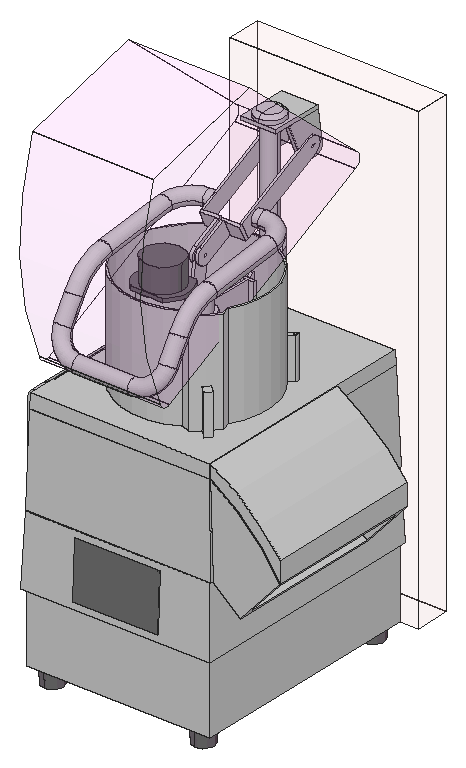
Revit family "Cortadora_CK-45V_1_GENERADO", category Equipos especializados, Revit 2016
Family settings
  Tipo de pieza = Normal
  Cota de conector redondo = Diámetro de uso
  Número OmniClass = 23.21.21.31.15
  Se basa en plano de trabajo = No
  Siempre vertical = Sí
  Corte con vacíos al cargar = No
  Compartido = No
  Punto de cálculo de habitación = No
Parameters (values of type "Combi vegetable prep.-cutter CK-45V 120/50-60/1")
  Width = 391 mm
  Weight in Pounds = 65.5
  Watts = 0 W
  Volts = 120 V
  URL Cutsheet = "http://www.sammic.com/dl/453458/9d103/ps-en-1050770-combi-ck-45v.pdf"
  URL = "https://www.sammic.com/model/1050770"
  Specification by Manufacturer = "It has a variable speed motor block, large-capacity head and 5.5-lt cutter bowl equipped with a rotor with micro-serrated blades.\nBrushless technology."
  Show Logo [instance] = yes
  Show Clearances [instance] = yes
  Revision Code = "1"
  Phase = 1
  Modelo = "1050770"
  Height = 652 mm
  HP = ""
  Foodservice Equipment Identifier = yes
  Fabricante = "SAMMIC S.L."
  FL Amps = 15 A
  Descripción = "Combi vegetable prep.-cutter CK-45V 120/50-60/1"
  Depth = 400 mm
  Cycle = 60 Hz
  Conn Plug = "USA (NEMA 5-15P / 2P+G)"
  Comentarios de tipo = "2 in 1: high capacity vegetable cutter (650 kg/h) + cutter with 5.5 litre bowl."
Types (4, lengths in mm): name | Width | Watts | Volts | URL Cutsheet | URL | Phase | Modelo | Height | HP | Fabricante | FL Amps | Descripción | Depth | Cycle | Conn Plug | Comentarios de tipo
  (no name) | 0 | 0 W | 0 V | "" | 0 | 0 | 0 | 0 | "" | 0 | 0 A | 0 | 0 | 0 Hz | "" | 0
  Combi vegetable prep.-cutter CK-45V 230/50-60/1 | 391 | 1500 W | 230 V | "http://www.sammic.com/dl/454804/4cd8a/ps-en-1050769-combi-ck-45v.pdf" | "https://www.sammic.com/model/1050769" | 1 | "1050769" | 652 | "2.01" | "SAMMIC S.L." | 10 A | "Combi vegetable prep.-cutter CK-45V 230/50-60/1" | 400 | 50 Hz | "EU (SCHUKO 2P+G)" | "2 in 1: high capacity vegetable cutter (650 kg/h) + cutter with 5.5 litre bowl."
  Combi vegetable prep.-cutter CK-45V 120/50-60/1 | 391 | 0 W | 120 V | "http://www.sammic.com/dl/453458/9d103/ps-en-1050770-combi-ck-45v.pdf" | "https://www.sammic.com/model/1050770" | 1 | "1050770" | 652 | "" | "SAMMIC S.L." | 15 A | "Combi vegetable prep.-cutter CK-45V 120/50-60/1" | 400 | 60 Hz | "USA (NEMA 5-15P / 2P+G)" | "2 in 1: high capacity vegetable cutter (650 kg/h) + cutter with 5.5 litre bowl."
  Combi vegetable prep.-cutter CK-45V 230/50-60/1 AUS | 391 | 1500 W | 230 V | "http://www.sammic.com/dl/454805/74d1e/ps-en-1050773-combi-ck-45v.pdf" | "https://www.sammic.com/model/1050773" | 1 | "1050773" | 652 | "2.01" | "SAMMIC S.L." | 10 A | "Combi vegetable prep.-cutter CK-45V 230/50-60/1 AUS" | 400 | 50 Hz | "AU/NZ (AS 3112 10A / 2P)" | "2 in 1: high capacity vegetable cutter (650 kg/h) + cutter with 5.5 litre bowl."
Values of the unnamed type that differ from the named types
  Weight in Pounds = 0
  Specification by Manufacturer = ""
  Revision Code = ""
Reference planes
  plane 1 "Centro (Frontal/Posterior)": y = 0
  plane 2: z = 0
  plane 3 "Centro (Izquierda/Derecha)": x = 0
  plane 4: x = 357.084
  plane 5: x = -19.1
  plane 6: y = 28.8
  plane 7: through (4267.2, -357.37, 435.938) normal (0, -0.4258, 0.9048)
Forms (mm)
  Extrusion 1, solid
    sketch origin (0, 0, 0) x (1, 0, 0) y (0, 1, 0)
      loop
        line (0, 0) -> (0, -336.5) -> (259.8, -336.5) -> (259.8, 0) -> (0, 0)
    from 21 to 120
  Revolve 2, solid
    sketch origin (23, 0, 0) x (0, 1, 0) y (0, 0, 1)
      loop
        line (-335, 21) -> (-333.5, 0) -> (-319, 0) -> (-319, 21) -> (-335, 21)
      axis (-319, 21) -> (-319, 0)
    angle from 0 to 360
  Revolve 3, solid
    sketch origin (236.8, 0, 0) x (0, 1, 0) y (0, 0, 1)
      loop
        line (-335, 21) -> (-333.5, 0) -> (-319, 0) -> (-319, 21) -> (-335, 21)
      axis (-319, 21) -> (-319, 0)
    angle from 0 to 360
  Revolve 4, solid
    sketch origin (236.8, 301.5, 0) x (0, 1, 0) y (0, 0, 1)
      loop
        line (-335, 21) -> (-333.5, 0) -> (-319, 0) -> (-319, 21) -> (-335, 21)
      axis (-319, 21) -> (-319, 0)
    angle from 0 to 360
  Revolve 5, solid
    sketch origin (23, 301.5, 0) x (0, 1, 0) y (0, 0, 1)
      loop
        line (-335, 21) -> (-333.5, 0) -> (-319, 0) -> (-319, 21) -> (-335, 21)
      axis (-319, 21) -> (-319, 0)
    angle from 0 to 360
  Extrusion 6, solid
    sketch origin (0, 0, 0) x (0, 1, 0) y (0, 0, 1)
      loop
        line (-337.559, 209.463) -> (-338.558, 209.506) -> (-341.99, 129.58) -> (-340.991, 129.537) -> (-337.559, 209.463)
    from 69.9 to 189.9
  Revolve 7, solid
    sketch origin (0, 0, 157) x (1, 0, 0) y (0, 1, 0)
      loop
        line (211.45, 2.8) -> (224.95, 2.8) -> (224.95, 28.8) -> (211.45, 28.8) -> (211.45, 2.8)
      axis (224.95, 28.8) -> (224.95, 2.8)
    angle from 0 to 360
  Extrusion 8, solid
    sketch origin (26.882, -11.283, 5.525) x (1, 0, 0) y (0, 1, 0)
      loop
        circle (103.652, -246.7) r 27.4
    from 510.225 to 549.225
  Extrusion 9, solid
    sketch origin (377.233, -154.331, 5.525) x (0, -1, 0) y (1, 0, 0)
      loop
        arc (74.652, -269.678) -> (103.652, -283.7) -> (132.652, -269.678) r 37
        line (132.652, -269.678) -> (132.652, -223.721)
        arc (132.652, -223.721) -> (103.652, -209.7) -> (74.652, -223.721) r 37
        line (74.652, -223.721) -> (74.652, -269.678)
      loop
        circle (103.652, -246.7) r 27.4
    from 510.225 to 515.225
  Extrusion 10, solid
    sketch origin (0, 0, 0) x (0, 1, 0) y (0, 0, 1)
      loop
        line (-184.25, 195) -> (-184.25, 219) -> (-214.25, 219) -> (-214.25, 195) -> (-211.25, 195) -> (-211.25, 216) -> (-187.25, 216) -> (-187.25, 195) -> (-184.25, 195)
    from -19.1 to -1.647
  Extrusion 11, solid
    sketch origin (0, 0, 0) x (0, 1, 0) y (0, 0, 1)
      loop
        line (-7.849, 596.091) -> (-15.249, 643.55) -> (-66.749, 643.55) -> (-43.086, 590.478)
        arc (-43.086, 590.478) -> (-39.397, 586.162) -> (-33.953, 584.55) r 10
        line (-33.953, 584.55) -> (-17.73, 584.55)
        arc (-17.73, 584.55) -> (-10.133, 588.046) -> (-7.849, 596.091) r 10
      loop
        circle (-28.249, 603.55) r 6.125
    from 150.534 to 155.534
  Extrusion 12, solid
    sketch origin (-45, 0, 0) x (0, 1, 0) y (0, 0, 1)
      loop
        line (-7.849, 596.091) -> (-15.249, 643.55) -> (-66.749, 643.55) -> (-43.086, 590.478)
        arc (-43.086, 590.478) -> (-39.397, 586.162) -> (-33.953, 584.55) r 10
        line (-33.953, 584.55) -> (-17.73, 584.55)
        arc (-17.73, 584.55) -> (-10.133, 588.046) -> (-7.849, 596.091) r 10
      loop
        circle (-28.249, 603.55) r 6.125
    from 150.534 to 155.534
  Extrusion 13, solid
    sketch origin (0, 0, 0) x (0, 1, 0) y (0, 0, 1)
      loop
        line (-88.249, 643.55) -> (-15.249, 643.55) -> (-15.249, 648.55) -> (-88.249, 648.55) -> (-88.249, 643.55)
    from 105.534 to 155.534
  Extrusion 14, solid
    sketch origin (0, 0, 0) x (1, 0, 0) y (0, 1, 0)
      loop
        circle (130.468, -67.749) r 17.5
    from 483.65 to 495.65
  Extrusion 15, solid
    sketch origin (0, 0, 0) x (1, 0, 0) y (0, 1, 0)
      loop
        circle (130.534, -67.749) r 11
    from 495.65 to 643.55
  Revolve 16, solid
    sketch origin (130.468, 0, 0) x (0, 1, 0) y (0, 0, 1)
      loop
        line (-67.749, 658.55) -> (-67.749, 648.55) -> (-47.749, 648.55) -> (-47.749, 653.55) -> (-52.749, 658.55) -> (-67.749, 658.55)
      axis (-67.749, 658.55) -> (-67.749, 648.55)
    angle from 0 to 360
  Extrusion 17, solid
    sketch origin (0, 0, 0) x (0, 1, 0) y (0, 0, 1)
      loop
        arc (-369.948, 444.226) -> (-363.793, 436.882) -> (-354.21, 436.903) r 11.305
        line (-354.21, 436.903) -> (-24.343, 592.126)
        arc (-24.343, 592.126) -> (-16.044, 600.706) -> (-19.741, 612.056) r 11.573
        line (-19.741, 612.056) -> (-211.539, 778.246) -> (-381.288, 735.859)
        arc (-381.288, 735.859) -> (-404.982, 588.901) -> (-369.948, 444.226) r 377.017
    from 45.047 to 216.86
  Extrusion 18, solid
    sketch origin (0, 0, 0) x (0, 1, 0) y (0, 0, 1)
      loop
        line (28.8, 658.55) -> (28.8, 0) -> (78.8, 0) -> (78.8, 658.55) -> (28.8, 658.55)
    from -4.15 to 263.95
Lines and regions (mm)
  symbolic lines, style "200-EquipBorder-2D"
    curve 1: line (238.45, 28.8, 0) -> (211.45, 28.8, 0)
    curve 2: line (211.45, 28.8, 0) -> (211.45, 4.9, 0)
    curve 3: line (211.45, 4.9, 0) -> (-4.15, 4.9, 0)
    curve 4: line (-4.15, 4.9, 0) -> (-4.15, -65.2, 0)
    curve 5: line (-4.15, -65.2, 0) -> (-17.689, -65.2, 0)
    curve 6: line (-17.689, -65.2, 0) -> (-17.689, -85.2, 0)
    curve 7: line (-17.689, -85.2, 0) -> (-4.15, -85.2, 0)
    curve 8: line (-4.15, -85.2, 0) -> (-4.15, -86.2, 0)
    curve 9: line (-4.15, -86.2, 0) -> (-17.689, -86.2, 0)
    curve 10: line (-17.689, -86.2, 0) -> (-17.689, -184.25, 0)
    curve 11: line (-17.689, -184.25, 0) -> (-19.1, -184.25, 0)
    curve 12: line (-19.1, -184.25, 0) -> (-19.1, -214.25, 0)
    curve 13: line (-19.1, -214.25, 0) -> (-17.658, -214.25, 0)
    curve 14: line (-17.658, -214.25, 0) -> (-17.658, -290.7, 0)
    curve 15: line (-17.658, -290.7, 0) -> (-4.15, -290.7, 0)
    curve 16: line (-4.15, -290.7, 0) -> (-4.15, -291.7, 0)
    curve 17: line (-4.15, -291.7, 0) -> (-17.689, -291.7, 0)
    curve 18: line (-17.689, -291.7, 0) -> (-17.689, -311.7, 0)
    curve 19: line (-17.689, -311.7, 0) -> (-4.15, -311.7, 0)
    curve 20: line (-4.15, -311.7, 0) -> (-4.15, -341.4, 0)
    curve 21: line (263.95, -341.4, 0) -> (263.95, -333.216, 0)
    curve 22: line (263.95, -333.216, 0) -> (357.084, -333.216, 0)
    curve 23: line (357.084, -333.216, 0) -> (357.084, -107.816, 0)
    curve 24: line (357.084, -107.816, 0) -> (263.95, -107.816, 0)
    curve 25: line (263.95, -107.816, 0) -> (263.95, 4.9, 0)
    curve 26: line (263.95, 4.9, 0) -> (238.45, 4.9, 0)
    curve 27: line (238.45, 4.9, 0) -> (238.45, 28.8, 0)
    curve 28: line (-4.15, -341.4, 0) -> (45.039, -341.4, 0)
    curve 29: line (263.95, -341.4, 0) -> (216.037, -341.4, 0)
    curve 30: line (90.534, -369.948, 0) -> (170.534, -369.948, 0)
    curve 31: line (45.039, -341.4, 0) -> (58.437, -361.948, 0)
    curve 32: line (58.437, -361.948, 0) -> (90.534, -369.948, 0)
    curve 33: line (216.037, -341.4, 0) -> (170.534, -369.948, 0)
  model lines, style "QF-Door-Drawer_Clearances"
    curve 34: line (45.047, -405.267, 0) -> (216.86, -405.267, 0)
  symbolic lines, style "QF-Clearances"
    curve 35: line (-4.15, 78.8, 0) -> (263.95, 78.8, 0)
Dimensions and locks
  aligned and locked: level to plane 2
Nested families
  nested 1: "Carcasa_CK-35" at (-4.15, 4.9, 0), type "Carcasa_CK-35"
    with Show Logo yes, Show Clearances yes
  nested 2: "CK-35_Cortadora_Entrada" at (0, 0, 0), type "CK-35_Cortadora_Entrada"
    with Show Logo yes, Show Clearances yes
  nested 3: "CA-401_Cortadora_Entrada_Tapa" at (0, 0, 0), type "CA-401_Cortadora_Entrada_Tapa"
    with Show Logo yes, Show Clearances yes
  nested 4: "CA-401_Cortadora_Pisador" at (0, 0, 0), type "CA-401_Cortadora_Pisador"
    with Show Logo yes, Show Clearances yes
  nested 5: "CA-401_Cortadora_Palanca" at (130.534, -209.849, 11.171), type "CA-401_Cortadora_Palanca"
    with Show Logo yes, Show Clearances yes
Connectors
  electrical at (224.95, 2.8, 157)
    settings: on Revolve 7, index 1, voltage 230 V, apparent load 0 VA, apparent load phase1 0 VA, apparent load phase2 0 VA, apparent load phase3 0 VA, power factor 1, load classification "Otro", number of poles 1, system type 31, power factor state 1, is connector primary yes, connector utility no, sub classification motor no, connector description "Conexion electrica"
Definition of nested family "Carcasa_CK-35"
  Parameters
    Show Logo [instance] = yes
    Show Clearances [instance] = yes
  Reference planes
    plane 1 "Centro (Frontal/Posterior)": y = 0
    plane 2: z = 0
    plane 3 "Centro (Izquierda/Derecha)": x = 0
    plane 4: x = 134.05
  Forms (mm)
    Extrusion 1, solid
      sketch origin (0, 0, 0) x (1, 0, 0) y (0, 1, 0)
        loop
          line (0, 0) -> (0, -346.3) -> (268.1, -346.3) -> (268.1, 0) -> (0, 0)
      from 120 to 219
    Extrusion 2, void
      sketch origin (0, 0, 0) x (0, 1, 0) y (0, 0, 1)
        loop
          line (-347.3, 120) -> (-346.3, 120) -> (-342.05, 219) -> (-342.05, 220) -> (-347.3, 220) -> (-347.3, 120)
        loop
          line (0, 120) -> (1, 120) -> (1, 220) -> (-4.25, 220) -> (-4.25, 219) -> (0, 120)
      from 0 to 268.1
    Extrusion 3, void
      sketch origin (0, 0, 0) x (1, 0, 0) y (0, 0, 1)
        loop
          line (-1, 120) -> (0, 120) -> (3.55, 219) -> (3.55, 220) -> (-1, 220) -> (-1, 120)
        loop
          line (268.1, 120) -> (269.1, 120) -> (269.1, 220) -> (264.55, 220) -> (264.55, 219) -> (268.1, 120)
      from 0 to 347.3
    Extrusion 4, solid
      sketch origin (0, 0, 0) x (1, 0, 0) y (0, 1, 0)
        loop
          circle (134.05, -204.15) r 97
      from 219 to 231.5
  Cuts and joins
    Extrusion 2, Extrusion 3 cuts Extrusion 1
  Dimensions and locks
    aligned and locked: level to plane 2
Definition of nested family "CK-35_Cortadora_Entrada"
  Parameters
    Show Logo [instance] = yes
    Show Clearances [instance] = yes
  Reference planes
    plane 1 "Centro (Frontal/Posterior)": y = 0
    plane 2: z = 0
    plane 3 "Centro (Izquierda/Derecha)": x = 0
    plane 4: z = 219
  Forms (mm)
    Extrusion 1, solid
      sketch origin (0, 0, 0) x (1, 0, 0) y (0, 1, 0)
        loop
          line (-1.6, 0.5) -> (-1.6, -337) -> (261.4, -337) -> (261.4, 0.5) -> (-1.6, 0.5)
      from 219 to 348
    Extrusion 2, void
      sketch origin (0, 0, 0) x (1, 0, 0) y (0, 0, 1)
        loop
          line (2.9, 367.3) -> (2.9, 368.3) -> (-2.6, 368.3) -> (-2.6, 218) -> (-1.6, 218) -> (-1.6, 219) -> (2.9, 367.3)
        loop
          line (256.9, 368.3) -> (256.9, 367.3) -> (261.4, 219) -> (261.4, 218) -> (262.4, 218) -> (262.4, 368.3) -> (256.9, 368.3)
      from 0 to 337
    Extrusion 3, void
      sketch origin (0, 0, 0) x (0, 1, 0) y (0, 0, 1)
        loop
          line (-332.65, 367.3) -> (-332.65, 368.3) -> (-338, 368.3) -> (-338, 218) -> (-337, 218) -> (-337, 219) -> (-332.65, 367.3)
        loop
          line (-3.85, 367.3) -> (0, 219) -> (0, 218) -> (1.5, 218) -> (1.5, 368.3) -> (-3.85, 368.3) -> (-3.85, 367.3)
      from -1.6 to 261.4
    Extrusion 4, solid
      sketch origin (0, 0, 0) x (1, 0, 0) y (0, 0, 1)
        loop
          line (261.4, 219) -> (301, 185.8) -> (357.084, 248.401)
          arc (357.084, 248.401) -> (313.501, 304.417) -> (257.486, 348) r 286.5
          line (257.486, 348) -> (261.4, 219)
      from 107.816 to 333.216
    Extrusion 5, void
      sketch origin (0, 0, 0) x (1, 0, 0) y (0, 0, 1)
        loop
          line (262.77, 338.706) -> (266.33, 221.392) -> (308.172, 186.312) -> (356.653, 240.426)
          arc (356.653, 240.426) -> (315.239, 294.846) -> (262.77, 338.706) r 305.9
      from 112.816 to 328.216
    Extrusion 6, solid
      sketch origin (0, 0, 0) x (1, 0, 0) y (0, 0, 1)
        loop
          line (-0.426, 257.7) -> (2.314, 348)
          arc (2.314, 348) -> (-7.687, 358.002) -> (-17.689, 348) r 10.002
          line (-17.689, 348) -> (-17.689, 282.8) -> (-0.426, 257.7)
        loop
          circle (-7.687, 348) r 5
      from 291.7 to 311.7
    Extrusion 7, solid
      sketch origin (0, 231.5, 0) x (1, 0, 0) y (0, 0, 1)
        loop
          line (-0.426, 257.7) -> (2.314, 348)
          arc (2.314, 348) -> (-7.687, 358.002) -> (-17.689, 348) r 10.002
          line (-17.689, 348) -> (-17.689, 282.8) -> (-0.426, 257.7)
        loop
          circle (-7.687, 348) r 5
      from 296.7 to 316.7
  Cuts and joins
    Extrusion 2, Extrusion 3 cuts Extrusion 1
    Extrusion 5 cuts Extrusion 4
  Dimensions and locks
    aligned and locked: level to plane 2
Definition of nested family "CA-401_Cortadora_Entrada_Tapa"
  Parameters
    Show Logo [instance] = yes
    Show Clearances [instance] = yes
  Reference planes
    plane 1 "Centro (Frontal/Posterior)": y = 0
    plane 2: z = 0
    plane 3 "Centro (Izquierda/Derecha)": x = 0
    plane 4: z = 348
    plane 5: y = -198.591
    plane 6: x = 130.468
  Forms (mm)
    Extrusion 1, solid
      sketch origin (0, 0, 0) x (1, 0, 0) y (0, 1, 0)
        loop
          line (-1.6, 0.5) -> (-1.6, -337) -> (261.4, -337) -> (261.4, 0.5) -> (-1.6, 0.5)
      from 348 to 367.3
    Extrusion 2, void
      sketch origin (0, 0, 0) x (1, 0, 0) y (0, 0, 1)
        loop
          line (2.9, 367.3) -> (2.9, 368.3) -> (-2.6, 368.3) -> (-2.6, 218) -> (-1.6, 218) -> (-1.6, 219) -> (2.9, 367.3)
        loop
          line (256.9, 368.3) -> (256.9, 367.3) -> (261.4, 219) -> (261.4, 218) -> (262.4, 218) -> (262.4, 368.3) -> (256.9, 368.3)
      from 0 to 337
    Extrusion 3, void
      sketch origin (0, 0, 0) x (0, 1, 0) y (0, 0, 1)
        loop
          line (-332.65, 367.3) -> (-332.65, 368.3) -> (-338, 368.3) -> (-338, 348) -> (-337, 348) -> (-337, 219) -> (-332.65, 367.3)
        loop
          line (-3.85, 367.3) -> (0, 219) -> (0, 218) -> (1.5, 218) -> (1.5, 368.3) -> (-3.85, 368.3) -> (-3.85, 367.3)
      from -1.6 to 261.4
    Extrusion 4, solid
      sketch origin (0, 0, 0) x (1, 0, 0) y (0, 0, 1)
        loop
          line (256.9, 367.3) -> (257.486, 348)
          arc (257.486, 348) -> (313.501, 304.417) -> (357.084, 248.401) r 286.5
          line (357.084, 248.401) -> (357.084, 278.8)
          arc (357.084, 278.8) -> (311.937, 328.648) -> (256.9, 367.3) r 302.8
      from 107.816 to 332.65
    Extrusion 5, solid
      sketch origin (0, 0, 0) x (1, 0, 0) y (0, 0, 1)
        loop
          line (2.9, 367.3) -> (-13.313, 356.269)
          arc (-13.313, 356.269) -> (-12.365, 339.16) -> (2.314, 348) r 10.002
          line (2.314, 348) -> (2.9, 367.3)
        loop
          circle (-7.687, 348) r 5
      from 86.2 to 290.7
    Extrusion 6, solid
      sketch origin (0, 0, 0) x (1, 0, 0) y (0, 1, 0)
        loop
          arc (191.103, -287.292) -> (205.777, -275.226) -> (218.097, -260.765) r 107.445
          line (218.097, -260.765) -> (215.183, -249.496)
          arc (215.183, -249.496) -> (61.195, -128.099) -> (179.886, -284.181) r 98.832
          line (179.886, -284.181) -> (191.103, -287.292)
        loop
          arc (216.86, -249.939) -> (60.026, -126.909) -> (180.301, -285.866) r 100.5
          line (180.301, -285.866) -> (192.689, -289.302)
          arc (192.689, -289.302) -> (207.568, -277.049) -> (220.079, -262.387) r 110
          line (220.079, -262.387) -> (216.86, -249.939)
      from 367.3 to 513.684
    Extrusion 7, solid
      sketch origin (0, 0, 0) x (1, 0, 0) y (0, 1, 0)
        loop
          circle (130.468, -67.749) r 12.1
        loop
          line (126.449, -84.346) -> (126.449, -98.171)
          arc (126.449, -98.171) -> (130.468, -98.091) -> (134.486, -98.171) r 100.5
          line (134.486, -98.171) -> (134.486, -84.346)
          arc (134.486, -84.346) -> (130.468, -50.673) -> (126.449, -84.346) r 17.076
        loop
          circle (211.568, -124.276) r 2.009
        loop
          line (208.848, -121.308) -> (201.785, -127.78)
          arc (201.785, -127.78) -> (204.564, -130.694) -> (207.225, -133.717) r 100.5
          line (207.225, -133.717) -> (214.288, -127.244)
          arc (214.288, -127.244) -> (214.536, -121.556) -> (208.848, -121.308) r 4.026
        loop
          line (214.656, -291.323) -> (221.848, -284.131) -> (211.115, -273.398)
          arc (211.115, -273.398) -> (207.57, -277.046) -> (203.86, -280.527) r 110
          line (203.86, -280.527) -> (214.656, -291.323)
      from 367.3 to 424.3
  Cuts and joins
    Extrusion 2, Extrusion 3 cuts Extrusion 1
  Dimensions and locks
    aligned and locked: level to plane 2
Definition of nested family "CA-401_Cortadora_Pisador"
  Parameters
    Show Logo [instance] = yes
    Show Clearances [instance] = yes
  Reference planes
    plane 1 "Centro (Frontal/Posterior)": y = 0
    plane 2: z = 0
    plane 3 "Centro (Izquierda/Derecha)": x = 0
  Forms (mm)
    Extrusion 1, solid
      sketch origin (0, 0, 0) x (1, 0, 0) y (0, 1, 0)
        loop
          arc (146.25, -220.283) -> (148.839, -218.139) -> (151.14, -215.687) r 26.826
          arc (151.14, -215.687) -> (154.034, -214.24) -> (157.051, -215.408) r 4
          line (157.051, -215.408) -> (201.569, -259.925)
          arc (201.569, -259.925) -> (64.747, -131.524) -> (190.349, -270.92) r 93.9
          line (190.349, -270.92) -> (161.416, -241.988)
          arc (161.416, -241.988) -> (155.088, -233.321) -> (146.421, -226.993) r 34.818
          line (146.421, -226.993) -> (145.775, -226.346)
          arc (145.775, -226.346) -> (144.615, -223.205) -> (146.25, -220.283) r 4
        loop
          circle (130.52, -257.976) r 27.619
      from 367.3 to 375.3
    Extrusion 2, solid
      sketch origin (0, 0, 0) x (1, 0, 0) y (0, 1, 0)
        loop
          circle (130.52, -257.976) r 27.603
        loop
          circle (130.534, -257.94) r 30.298
      from 380.15 to 515.75
    Extrusion 3, solid
      sketch origin (0, 0, 0) x (1, 0, 0) y (0, 1, 0)
        loop
          arc (129.004, -174.026) -> (130.468, -223.2) -> (131.932, -174.026) r 24.609
          line (131.932, -174.026) -> (131.932, -108.629) -> (139.817, -108.629) -> (139.817, -105.143)
          arc (139.817, -105.143) -> (130.467, -104.691) -> (121.118, -105.173) r 93.859
          line (121.118, -105.173) -> (121.118, -108.629) -> (129.004, -108.629) -> (129.004, -174.026)
      from 380.15 to 459.15
    Extrusion 4, solid
      sketch origin (0, 0, 0) x (1, 0, 0) y (0, 1, 0)
        loop
          arc (201.702, -259.993) -> (64.757, -131.545) -> (190.45, -271.022) r 93.961
          line (190.45, -271.022) -> (161.416, -241.988)
          arc (161.416, -241.988) -> (155.088, -233.321) -> (146.421, -226.993) r 34.818
          line (146.421, -226.993) -> (145.773, -226.345)
          arc (145.773, -226.345) -> (144.614, -223.203) -> (146.251, -220.28) r 4
          arc (146.251, -220.28) -> (148.855, -218.124) -> (151.167, -215.656) r 26.743
          arc (151.167, -215.656) -> (154.061, -214.205) -> (157.081, -215.372) r 4
          line (157.081, -215.372) -> (201.702, -259.993)
        loop
          circle (130.52, -257.976) r 27.603
        loop
          circle (130.407, -257.983) r 30.432
        loop
          arc (144.983, -218.571) -> (147.392, -216.576) -> (149.529, -214.293) r 24.7
          arc (149.529, -214.293) -> (153.871, -212.115) -> (158.403, -213.865) r 6
          line (158.403, -213.865) -> (201.771, -257.233)
          arc (201.771, -257.233) -> (216.489, -232.097) -> (222.634, -203.625) r 92.237
          line (222.634, -203.625) -> (209.099, -203.625) -> (209.099, -193.557) -> (222.628, -193.557)
          arc (222.628, -193.557) -> (204.155, -143.081) -> (160.679, -111.474) r 92.237
          line (160.679, -111.474) -> (144.728, -111.474) -> (139.817, -108.629) -> (121.118, -108.629) -> (116.208, -111.474) -> (100.386, -111.474)
          arc (100.386, -111.474) -> (56.91, -143.08) -> (38.436, -193.557) r 92.237
          line (38.436, -193.557) -> (51.837, -193.557) -> (51.837, -203.625) -> (38.43, -203.625)
          arc (38.43, -203.625) -> (92.55, -282.698) -> (187.66, -271.06) r 92.237
          line (187.66, -271.06) -> (163.484, -246.884) -> (159.568, -242.968)
          arc (159.568, -242.968) -> (153.6, -234.79) -> (145.421, -228.821) r 32.8
          line (145.421, -228.821) -> (144.267, -227.668)
          arc (144.267, -227.668) -> (142.528, -222.954) -> (144.983, -218.571) r 6
      from 375.3 to 380.15
    Extrusion 5, solid
      sketch origin (0, 0, 225) x (1, 0, 0) y (0, 1, 0)
        loop
          circle (130.468, -67.749) r 12.1
        loop
          circle (130.468, -67.749) r 17.076
      from 199.3 to 258.65
    Extrusion 6, solid
      sketch origin (0, 0, 0) x (1, 0, 0) y (0, 0, 1)
        loop
          line (51.837, 380.15) -> (51.837, 375.3) -> (105.859, 375.3) -> (105.859, 401.3) -> (51.837, 380.15)
        loop
          line (155.077, 401.3) -> (155.077, 375.3) -> (209.099, 375.3) -> (209.099, 380.15) -> (155.077, 401.3)
      from 196.083 to 201.091
    Extrusion 7, solid
      sketch origin (0, 0, 0) x (0, 1, 0) y (0, 0, 1)
        loop
          line (-84.826, 483.65) -> (-104.656, 459.15) -> (-104.656, 424.3) -> (-84.826, 424.3) -> (-84.826, 483.65)
      from 127.968 to 132.968
    Revolve 8, solid
      sketch origin (130.468, 0, 0) x (0, 1, 0) y (0, 0, 1)
        loop
          line (-217.613, 459.15) -> (-198.613, 459.15) -> (-198.613, 483.65) -> (-213.113, 483.65) -> (-213.113, 478.65) -> (-217.613, 478.65) -> (-217.613, 459.15)
        axis (-198.613, 483.65) -> (-198.613, 459.15)
      angle from 0 to 360
    Extrusion 9, void
      sketch origin (130.468, 0, 459.15) x (1, 0, 0) y (0, 1, 0)
        loop
          line (-2.4, -213.313) -> (2.4, -213.313) -> (2.4, -183.913) -> (-2.4, -183.913) -> (-2.4, -213.313)
      from 19.5 to 25
  Cuts and joins
    Extrusion 9 cuts Revolve 8
  Dimensions and locks
    aligned and locked: level to plane 2
Definition of nested family "CA-401_Cortadora_Palanca"
  Parameters
    Show Logo [instance] = yes
    Show Clearances [instance] = yes
  Reference planes
    plane 1 "Centro (Frontal/Posterior)": y = 0
    plane 2: z = 0
    plane 3 "Centro (Izquierda/Derecha)": x = 0
  Forms (mm)
    Sweep 1, solid
      path origin (0, -112.778, 496.845) x (1, 0, 0) y (0, 0.510843, 0.859674)
        loop
          line (-74.5, 0) -> (-74.5, -36.14)
          arc (-74.5, -36.14) -> (-64.249, -60.889) -> (-39.5, -71.14) r 35
          line (-39.5, -71.14) -> (39.5, -71.14)
          arc (39.5, -71.14) -> (64.249, -60.889) -> (74.5, -36.14) r 35
          line (74.5, -36.14) -> (74.5, 0)
      profile origin (-74.5, -122.009, 481.31) x (1, 0, 0) y (0, -0.859674, 0.510843)
        loop
          circle (0, 0) r 11
    Sweep 2, solid
      path origin (0, -59.918, 530.702) x (1, 0, 0) y (0, 0.994522, 0.104528)
        loop
          line (-74.5, 0) -> (-74.5, 107.8)
          arc (-74.5, 107.8) -> (-64.249, 132.549) -> (-39.5, 142.8) r 35
          line (-39.5, 142.8) -> (-29, 142.8)
      profile origin (-74.5, -6.313, 536.336) x (-1, 0, 0) y (0, -0.104528, 0.994522)
        loop
          circle (0, 0) r 11
    Sweep 3, solid
      path origin (0, -59.918, 530.702) x (1, 0, 0) y (0, 0.994522, 0.104528)
        loop
          line (74.5, 0) -> (74.5, 107.8)
          arc (74.5, 107.8) -> (64.249, 132.549) -> (39.5, 142.8) r 35
          line (39.5, 142.8) -> (29, 142.8)
      profile origin (74.5, -6.313, 536.336) x (-1, 0, 0) y (0, -0.104528, 0.994522)
        loop
          circle (0, 0) r 11
    Sweep 4, solid
      path origin (0, -90.356, 520.031) x (0, 0.842076, 0.539359) y (0, -0.539359, 0.842076)
        loop
          arc (31.387, -7.431) -> (0, 0) -> (-31.387, -7.431) r 70
      profile origin (0, -90.356, 520.031) x (0, 0.539359, -0.842076) y (1, 0, 0)
        loop
          circle (0, 74.5) r 11
    Sweep 5, solid
      path origin (-149, -90.356, 520.031) x (0, 0.842076, 0.539359) y (0, -0.539359, 0.842076)
        loop
          arc (31.387, -7.431) -> (0, 0) -> (-31.387, -7.431) r 70
      profile origin (-149, -90.356, 520.031) x (0, 0.539359, -0.842076) y (1, 0, 0)
        loop
          circle (0, 74.5) r 11
    Extrusion 6, solid
      sketch origin (0, -575.044, 554.813) x (0, 0.165564, 0.986199) y (0, -0.986199, 0.165564)
        loop
          line (10, -602.379) -> (60, -602.379)
          arc (60, -602.379) -> (70, -592.379) -> (60, -582.379) r 10
          line (60, -582.379) -> (10, -582.379)
          arc (10, -582.379) -> (0, -592.379) -> (10, -602.379) r 10
        loop
          circle (10, -592.379) r 3
        loop
          circle (60, -592.379) r 5
      from -2 to 2
    Extrusion 7, solid
      sketch origin (0, -68.813, 1129.231) x (1, 0, 0) y (0, -0.904827, -0.425779)
        loop
          line (-29, 138.7) -> (-29, 134.7) -> (-2, 134.7) -> (-2, 138.7) -> (-29, 138.7)
      from 580.379 to 604.379
    Extrusion 8, solid
      sketch origin (31, -68.813, 1129.231) x (1, 0, 0) y (0, -0.904827, -0.425779)
        loop
          line (-29, 138.7) -> (-29, 134.7) -> (-2, 134.7) -> (-2, 138.7) -> (-29, 138.7)
      from 580.379 to 604.379
    Extrusion 9, solid
      sketch origin (31, -68.813, 1129.231) x (0, -0.904827, -0.425779) y (0, 0.425779, -0.904827)
        loop
          line (138.7, 604.379) -> (138.7, 580.379) -> (181.6, 580.379)
          arc (181.6, 580.379) -> (193.6, 592.379) -> (181.6, 604.379) r 12
          line (181.6, 604.379) -> (138.7, 604.379)
        loop
          circle (181.6, 592.379) r 3
      from -29 to -25
    Extrusion 10, solid
      sketch origin (23, -68.813, 1129.231) x (0, -0.904827, -0.425779) y (0, 0.425779, -0.904827)
        loop
          line (138.7, 604.379) -> (138.7, 580.379) -> (181.6, 580.379)
          arc (181.6, 580.379) -> (193.6, 592.379) -> (181.6, 604.379) r 12
          line (181.6, 604.379) -> (138.7, 604.379)
        loop
          circle (181.6, 592.379) r 3
      from -29 to -25
    Extrusion 11, solid
      sketch origin (31, -68.813, 1129.231) x (0, -0.904827, -0.425779) y (0, 0.425779, -0.904827)
        loop
          line (134.7, 604.379) -> (2, 604.379)
          arc (2, 604.379) -> (-10, 592.379) -> (2, 580.379) r 12
          line (2, 580.379) -> (134.7, 580.379) -> (134.7, 604.379)
        loop
          circle (2, 592.379) r 3
      from -6 to -2
    Extrusion 12, solid
      sketch origin (-23, -68.813, 1129.231) x (0, -0.904827, -0.425779) y (0, 0.425779, -0.904827)
        loop
          line (134.7, 604.379) -> (2, 604.379)
          arc (2, 604.379) -> (-10, 592.379) -> (2, 580.379) r 12
          line (2, 580.379) -> (134.7, 580.379) -> (134.7, 604.379)
        loop
          circle (2, 592.379) r 3
      from -6 to -2
  Dimensions and locks
    aligned and locked: level to plane 2
